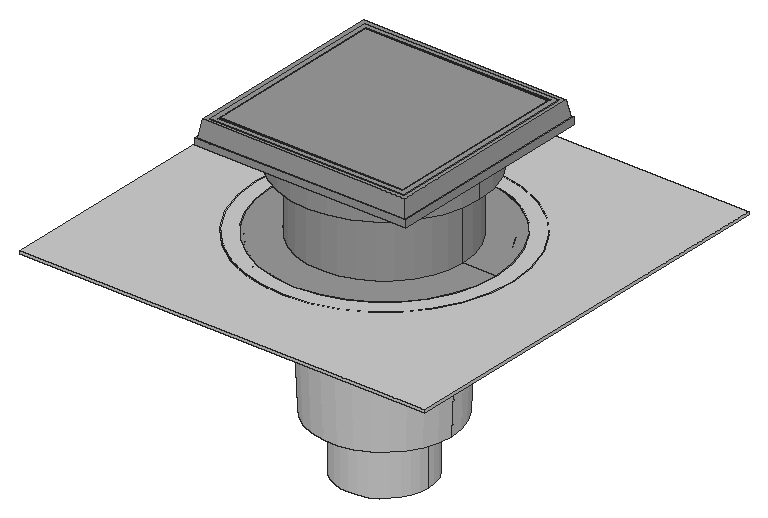
Revit family "HL_Дворовый трап серии Perfekt_HL616.1HW", category Instalační zařizovací předměty, Revit 2016
Family settings
  Typ součásti = Normální
  Kóta kulaté spojky = Použít průměr
  Číslo OmniClass = 23.70.50.21.24.14
  Nadpis OmniClass = Deck Waste Water Drains
  Založené na pracovní rovině = Ne
  Vždy vertikální = Ano
  Ořezat dutým tvarem při načtení = Ne
  Sdílené = Ne
  Bod výpočtu místnosti = Ano
Parameters (values of type "HL_Дворовый трап серии Perfekt_HL616.1HW_1")
  РЕШЁТКА = "Gusseisen 226 x 226 mm"
  РАЗМЕР = "DN110"
  ПРОПУСКНАЯ СПОСОБНОСТЬ [instance] = 0.0 L/s
  ПРОИЗВОДИТЕЛЬНОСТЬ = "2,1 l/s"
  ПРАВОВАЯ ИНФОРМАЦИЯ = "\"Авторские права(©), права на дизайн или какие либо другие права интелектуальной собственности являются исключительной собственностью компании HL Hutterer & Lechner. Изменению не подлежит. Файл семейства с данными о прозводителе изделия защищен паролем с водяным знаком.\""
  НОМИНАЛЬНЫЙ ДИАМЕТР = 110 mm
  НАСАДКА = "55-135 mm/260 x 260 mm Guss"
  МАТЕРИАЛ = "PP"
  МАКСИМАЛЬНАЯ НАГРУЗКА КЛАССА = "M - 12,5 t"
  ВЫСОТА МОНТАЖА = "252 mm"
  ВЕС = "13,523 kg"
  Výrobce = "HL Hutterer & Lechner GmbH"
  URL = "http://www.hutterer-lechner.com/ru/products/catalog/roof-drains/HL616.1HW/1.aspx"
  Материал плитка [instance] = none
  Připojení ventilace = no
  Připojení odpadu = yes
  Připojení HW = no
  Připojení CW = no
  Popis = "Дворовый трап серии Perfekt DN110 вертикальный"
  Model = "HL616.1HW/1"
  Assembly Code = " "
  Komentáře k typům = "Дворовый трап серии Perfekt DN110 вертикальный с битумным полотном, 260х260мм/226х226мм чугун с водяным затвором."
  Keynote = "HL616.1HW/1"
  IH [instance] = Высота монтажа 1 + Высота монтажа 2  # 135 mm
  Высота монтажа 2 [instance] = 0 mm
  Высота монтажа 1 [instance] = 135 mm
  G [instance] = 180.00°  # constant formula
  EAN = "9003076011551"
  D [instance] = IH + 165 mm  # 300 mm
  C [instance] = if(IH - 68 mm < 0 mm, 0 mm, IH - 68 mm)  # 67 mm
  B [instance] = 100 mm
  A [instance] = if(B - 100 mm > 15 mm, B - 100 mm, 15 mm)  # 15 mm
Types (3, lengths in mm): name | РАЗМЕР | НОМИНАЛЬНЫЙ ДИАМЕТР | ВЕС | URL | Popis | Model | Komentáře k typům | Keynote | EAN
  (no name) | "DN110" | 110 | "13,523 kg" | "http://www.hutterer-lechner.com/en/products/catalog/roof-drains/HL616.1HW/1.aspx" | 0 | "HL616.1HW/1" | "perfect-drain DN110 vertical with bitumen membrane, 260x260mm/226x226mm cast iron with trap seal" | "HL616.1HW/1" | "9003076011551"
  HL_Дворовый трап серии Perfekt_HL616.1HW_1 | "DN110" | 110 | "13,523 kg" | "http://www.hutterer-lechner.com/ru/products/catalog/roof-drains/HL616.1HW/1.aspx" | "Дворовый трап серии Perfekt DN110 вертикальный" | "HL616.1HW/1" | "Дворовый трап серии Perfekt DN110 вертикальный с битумным полотном, 260х260мм/226х226мм чугун с водяным затвором." | "HL616.1HW/1" | "9003076011551"
  HL_Дворовый трап серии Perfekt_HL616.1HW_5 | "DN160" | 160 | "13,53 kg" | "http://www.hutterer-lechner.com/ru/products/catalog/roof-drains/HL616.1HW/5.aspx" | "Дворовый трап серии Perfekt DN160 вертикальный" | "HL616.1HW/5" | "Дворовый трап серии Perfekt DN160 вертикальный с битумным полотном, 260х260мм/226х226мм чугун с водяным затвором." | "HL616.1HW/5" | "9003076011575"
Values of the unnamed type that differ from the named types
  ПРАВОВАЯ ИНФОРМАЦИЯ = "\"Copyright (©), design rights or any other intellectual property rights, shall be the exclusive property of HL Hutterer & Lechner GmbH. Modification is not allowed. Family has been watermarked.\""
Reference planes
  plane 1 "Center (Front/Back)": y = 0
  plane 2: z = 0
  plane 3 "Center (Left/Right)": x = 0
  plane 4: z = -100
  plane 5: z = -135
  plane 6: z = -135
Lines and regions (mm)
  model lines, style "InvisibleLines"
    curve 1: line (0, 0, 0) -> (0, 0, 20)
  model lines, style "PlumbingFixtures", detail levels coarse+medium
    curve 2: line (0, 0, -100) -> (0, 0, -85)
    curve 3: line (0, 0, -85) -> (-85, 0, 0)
    curve 4: line (0, 0, -85) -> (85, 0, 0)
    curve 6: line (0, 0, -100) -> (0, 0, -400)
  reference lines, not visible
    curve 5: line (0, 0, -100) -> (0, 0, -400)
  symbolic lines, style "PlumbingFixtures", detail levels coarse+medium
    curve 7: line (-75, 75, 0) -> (75, 75, 0)
    curve 8: line (-75, -75, 0) -> (-75, 75, 0)
    curve 9: line (75, -75, 0) -> (-75, -75, 0)
    curve 10: line (75, 75, 0) -> (75, -75, 0)
    curve 11: line (-75, 75, 0) -> (-145.711, 145.711, 0)
    curve 12: line (75, 75, 0) -> (145.711, 145.711, 0)
    curve 13: line (-75, -75, 0) -> (-145.711, -145.711, 0)
    curve 14: line (75, -75, 0) -> (145.711, -145.711, 0)
  symbolic lines, style "PlumbingFixtures", not visible, detail levels coarse+medium
    curve 15: line (-75, 75, 0) -> (75, 75, 0)
    curve 16: line (-75, -75, 0) -> (-75, 75, 0)
    curve 17: line (75, -75, 0) -> (-75, -75, 0)
    curve 18: line (75, 75, 0) -> (75, -75, 0)
    curve 19: line (-75, 75, 0) -> (-145.711, 145.711, 0)
    curve 20: line (75, 75, 0) -> (145.711, 145.711, 0)
    curve 21: line (-75, -75, 0) -> (-145.711, -145.711, 0)
    curve 22: line (75, -75, 0) -> (145.711, -145.711, 0)
Text (mm)
  text "FLOOR" at (-162.344, 0, -10.979), in view "Слева"
Dimensions and locks
  "B": plane 2 to plane 4
  "IH": plane 2 to plane 5
  "A": curve 4 to plane 4
  "D": curve 5 to curve 5
  "D": curve 6 to curve 6
  "Высота монтажа 1": plane 2 to plane 6
  locked: curve 4 to plane 3 "Center (Left/Right)" (angle 45.00°)
  locked: plane 3 "Center (Left/Right)" to curve 3 (angle 45.00°)
  "G": angle curve 5 to plane 3 "Center (Left/Right)"
  aligned and locked: level to plane 2
  aligned and locked: plane 2 to curve 4
  aligned and locked: plane 2 to curve 3
  aligned and locked: plane 4 to curve 5
  aligned and locked: plane 3 "Center (Left/Right)" to curve 5
  aligned and locked: plane 4 to curve 2
  aligned and locked: plane 3 "Center (Left/Right)" to curve 6
  aligned and locked: plane 4 to curve 6
  aligned and locked: nested 1 to plane 3 "Center (Left/Right)"
  aligned and locked: nested 1 to plane 5
  aligned and locked: plane 3 "Center (Left/Right)" to nested 2
  aligned and locked: plane 2 to nested 2
  aligned and locked: plane 3 "Center (Left/Right)" to nested 3
  aligned and locked: nested 3 to nested 2
  aligned and locked: nested 4 to plane 3 "Center (Left/Right)"
  aligned and locked: nested 1 to nested 4
Automatic sketch dimensions
  curve 2 to plane 3 "Center (Left/Right)" = 0 mm
  curve 1 to plane 3 "Center (Left/Right)" = 0 mm
  curve 1 to level = 0 mm
  curve 1 to curve 1 = 20 mm
Nested families
  nested 1: "HL-кровельные воронки - корпус-HL616KH" at (0, 0, -134.974), type "HL-кровельные воронки - корпус-HL616KH_1"
  nested 2: "HL-Надставные элементы-HL624" at (0, 0, 0), Высота монтажа <- "Высота монтажа 1", type "HL-Надставные элементы-HL624"
    with Высота монтажа 135 mm, a 97 mm, Ihmin 55 mm, Ihmax 135 mm
  nested 3: "HL-Песколовка-HL0606.2E" at (0, 0, -27.999), type "HL-Песколовка-HL0606.2E"
  nested 4: "HL-Вкладыш запахозапирающий-HL0605.2E" at (0, 0, -195.474), type "HL-Вкладыш запахозапирающий-HL0605.2E"
Connectors
  piping at (0, 0, -400), diameter 110, driven by "ПРОПУСКНАЯ СПОСОБНОСТЬ", driven by "НОМИНАЛЬНЫЙ ДИАМЕТР"
    settings: on curve 5, index 1, connector inside diameter 609.6 mm, connector length 0 mm, flow factor 0, pipe flow 0.0 L/s, pressure drop 0.0 Pa, fitting loss kfactor 0, connector angle 0.00°, fixture units 0, engagement length 0 mm, angle of deflection 0.00°, flow configuration 1, flow direction 2, fitting loss method 0, system type 16, joint type 0, gender type 0, connector reference index -1, connector utility 0, adjustable connector yes, is connector primary yes, connector description ""
Definition of nested family "HL-кровельные воронки - корпус-HL616KH"
  Parameters
    РАЗМЕР = ""
    ПРАВОВАЯ ИНФОРМАЦИЯ = ""
    НОМИНАЛЬНЫЙ ДИАМЕТР = 110 mm
    МАТЕРИАЛ = ""
    ВЫСОТА МОНТАЖА = ""
    ВЕС = ""
    a = if(НОМИНАЛЬНЫЙ ДИАМЕТР = 11 mm, 62 mm, 67 mm)  # 67 mm
    Height = 0 mm
    Manufacturer = ""
    URL = ""
    Description = ""
    ND = НОМИНАЛЬНЫЙ ДИАМЕТР / 2  # 55 mm
    Model = ""
    материал 3 = none
    материал 2 = none
    материал = none
    Type Comments = ""
    Keynote = ""
    EAN = ""
    Cost = 0
  Types (3, lengths in mm): name | РАЗМЕР | ПРАВОВАЯ ИНФОРМАЦИЯ | МАТЕРИАЛ | ВЫСОТА МОНТАЖА | ВЕС | Manufacturer | URL | Description | Model | Type Comments | Keynote | EAN
    (no name) | "" | "" | "" | "" | "" | "" | "" | "" | "" | "" | "" | ""
    HL-кровельные воронки - корпус-HL616KH_1 | "DN110" | "\"Авторские права(©), права на дизайн или какие либо другие права интелектуальной собственности являются исключительной собственностью компании HL Hutterer & Lechner. Изменению не подлежит. Файл семейства с данными о прозводителе изделия защищен паролем с водяным знаком.\"" | "PP" | "197 mm" | "1,952 kg" | "HL Hutterer & Lechner GmbH" | "http://www.hutterer-lechner.com/ru/products/catalog/roof-drains/HL616KH/1.aspx" | "Дворовый трап серии Perfekt DN110 вертикальный" | "HL616KH/1" | "Корпус дворового трапа серии Perfekt DN110 вертикальный с битумным полотном." | "HL616KH/1" | "9003076012916"
    HL-кровельные воронки - корпус-HL616KH_5 | "DN160" | "\"Авторские права(©), права на дизайн или какие либо другие права интелектуальной собственности являются исключительной собственностью компании HL Hutterer & Lechner. Изменению не подлежит. Файл семейства с данными о прозводителе изделия защищен паролем с водяным знаком.\"" | "PP" | "197 mm" | "1,945 kg" | "HL Hutterer & Lechner GmbH" | "http://www.hutterer-lechner.com/ru/products/catalog/roof-drains/HL616KH/5.aspx" | "Дворовый трап серии Perfekt DN160 вертикальный" | "HL616KH/5" | "Корпус дворового трапа серии Perfekt DN160 вертикальный с битумным полотном." | "HL616KH/5" | "9003076012930"
  Reference planes
    plane 1 "Střed (vpředu/vzadu)": y = 0
    plane 2: z = 0
    plane 3 "Střed (vlevo/vpravo)": x = 0
    plane 4: z = -198
  Forms (mm)
    Revolve 1, solid, material <- "материал", detail levels fine
      sketch origin (0, 0, 0) x (1, 0, 0) y (0, 0, 1)
        loop
          line (158.746, -0.026) -> (145.781, -3.5) -> (135.781, -3.5) -> (134.096, -9.367) -> (127.541, -9.367) -> (127.541, -3.5) -> (99.151, -3.5) -> (99.151, -25.5) -> (90, -25.5) -> (90, -60.5) -> (85.551, -60.5) -> (79.463, -194) -> (51.105, -194) -> (51.105, -198) -> (83.393, -198) -> (89.481, -64.5) -> (94.013, -64.5) -> (94.013, -34.2) -> (103.091, -34.2) -> (103.091, -12.303) -> (134.671, -12.303)
          arc (134.671, -12.303) -> (136.701, -11.463) -> (137.542, -9.433) r 2.871
          line (137.542, -9.433) -> (137.542, -6.409) -> (146.262, -6.409) -> (158.746, -3.064) -> (158.746, -0.026)
        axis (0, -198) -> (0, -0.026)
      angle from 0 to 360
    Revolve 2, solid, material <- "материал", detail levels fine
      sketch origin (0, 0, 0) x (1, 0, 0) y (0, 0, 1)
        loop
          line (0, -198) -> (0, -265) -> (55, -265) -> (55, -198) -> (0, -198)
        axis (0, -198) -> (0, -265)
      angle from 0 to 360
    Extrusion 3, solid, detail levels fine
      sketch origin (0, 0, 0) x (1, 0, 0) y (0, 1, 0)
        loop
          line (250, 250) -> (-250, 250) -> (-250, -250) -> (250, -250) -> (250, 250)
        loop
          circle (0, 0) r 140
      from -3.5 to -0.026
    Revolve 4, solid, material <- "материал 2", detail levels fine
      sketch origin (0, 0, 0) x (1, 0, 0) y (0, 0, 1)
        loop
          line (-98.482, -0.026) -> (-139.232, -0.026) -> (-139.232, -3.064) -> (-98.482, -3.064) -> (-98.482, -0.026)
        axis (0, -3.064) -> (0, -0.026)
      angle from 0 to 360
  Dimensions and locks
    locked: plane 2 to plane 4 at 198
    "ND": Revolve 2 sketch curve to plane 3 "Střed (vlevo/vpravo)"
    "a": plane 4 to Revolve 2 sketch curve
    aligned and locked: level to plane 2
  Automatic sketch dimensions
    Revolve 1 sketch curve to plane 3 "Střed (vlevo/vpravo)" = 0 mm
    Revolve 1 sketch curve to plane 4 = 0 mm
    plane 4 to Revolve 1 sketch curve = 4 mm
    plane 3 "Střed (vlevo/vpravo)" to Revolve 1 sketch curve = 51.105 mm
    Revolve 1 sketch curve to Revolve 1 sketch curve = 28.358 mm
    Revolve 1 sketch curve to Revolve 1 sketch curve = 3.93 mm  (x2)
    plane 3 "Střed (vlevo/vpravo)" to Revolve 1 sketch curve = 85.551 mm
    Revolve 1 sketch curve to Revolve 1 sketch curve = 0.519 mm
    Revolve 1 sketch curve to Revolve 1 sketch curve = 4.013 mm
    Revolve 1 sketch curve to level = 3.5 mm  (x2)
    Revolve 1 sketch curve to Revolve 1 sketch curve = 9.151 mm
    Revolve 1 sketch curve to Revolve 1 sketch curve = 3.941 mm
    Revolve 1 sketch curve to Revolve 1 sketch curve = 24.449 mm
    Revolve 1 sketch curve to Revolve 1 sketch curve = 6.555 mm
    Revolve 1 sketch curve to Revolve 1 sketch curve = 0.575 mm
    Revolve 1 sketch curve to Revolve 1 sketch curve = 1.11 mm
    Revolve 1 sketch curve to Revolve 1 sketch curve = 1.761 mm
    Revolve 1 sketch curve to Revolve 1 sketch curve = 8.239 mm
    Revolve 1 sketch curve to Revolve 1 sketch curve = 0.481 mm
    Revolve 1 sketch curve to level = 0.026 mm
    Revolve 1 sketch curve to Revolve 1 sketch curve = 12.965 mm
    Revolve 1 sketch curve to Revolve 1 sketch curve = 61 mm
    Revolve 1 sketch curve to Revolve 1 sketch curve = 4 mm
    Revolve 1 sketch curve to Revolve 1 sketch curve = 26.3 mm
    Revolve 1 sketch curve to Revolve 1 sketch curve = 8.7 mm
    Revolve 1 sketch curve to Revolve 1 sketch curve = 8.804 mm
    Revolve 1 sketch curve to Revolve 1 sketch curve = 0.066 mm
    Revolve 1 sketch curve to Revolve 1 sketch curve = 3.024 mm
    Revolve 1 sketch curve to Revolve 1 sketch curve = 3.038 mm
    level to Revolve 1 sketch curve = 9.5 mm
    Revolve 1 sketch curve to Revolve 1 sketch curve = 50 mm
    Revolve 4 sketch curve to plane 3 "Střed (vlevo/vpravo)" = 0 mm
    Revolve 4 sketch curve to level = 0.026 mm
    Revolve 4 sketch curve to plane 3 "Střed (vlevo/vpravo)" = 98.482 mm
    Revolve 4 sketch curve to Revolve 4 sketch curve = 40.749 mm
    Revolve 4 sketch curve to Revolve 4 sketch curve = 3.038 mm
    level to Revolve 4 sketch curve = 24.974 mm
    Revolve 4 sketch curve to Revolve 4 sketch curve = 22.61 mm
    plane 1 "Střed (vpředu/vzadu)" to Extrusion 3 sketch curve = 0 mm
    Extrusion 3 sketch curve to plane 3 "Střed (vlevo/vpravo)" = 0 mm
    Extrusion 3 sketch curve to plane 3 "Střed (vlevo/vpravo)" = 250 mm
    plane 3 "Střed (vlevo/vpravo)" to Extrusion 3 sketch curve = 250 mm
    plane 1 "Střed (vpředu/vzadu)" to Extrusion 3 sketch curve = 250 mm
    Extrusion 3 sketch curve to plane 1 "Střed (vpředu/vzadu)" = 250 mm
    Revolve 2 sketch curve to plane 3 "Střed (vlevo/vpravo)" = 0 mm  (x2)
    Revolve 2 sketch curve to plane 4 = 0 mm
    Revolve 2 sketch curve to Revolve 2 sketch curve = 15 mm
    Revolve 2 sketch curve to Revolve 2 sketch curve = 25 mm
    radius of Extrusion 3 sketch curve = 140 mm
Definition of nested family "HL-Надставные элементы-HL624"
  Parameters (values of type "HL-Надставные элементы-HL624")
    РЕШЁТКА = "Guss 226x226mm"
    РАЗМЕР = "d 195mm"
    ПРАВОВАЯ ИНФОРМАЦИЯ = "\"Авторские права(©), права на дизайн или какие либо другие права интелектуальной собственности являются исключительной собственностью компании HL Hutterer & Lechner. Изменению не подлежит. Файл семейства с данными о прозводителе изделия защищен паролем с водяным знаком.\""
    НАСАДКА = "260x260mm"
    МАТЕРИАЛ = "PP"
    МАКСИМАЛЬНАЯ НАГРУЗКА КЛАССА = "B - 12,5 t (aussen)"
    ВЫСОТА МОНТАЖА = "152mm"
    ВЕС = "11,37 [kg]"
    a [instance] = if(Высота монтажа < Ihmin, -10 mm, if(Высота монтажа > Ihmax, -10 mm, Высота монтажа - 38 mm))  # 97 mm
    Manufacturer = "HL Hutterer & Lechner GmbH"
    URL = "http://www.hutterer-lechner.com/ru/products/catalog/roof-drains/HL624.aspx"
    Description = "Надставные элементы"
    Model = "HL624"
    материал = none
    Type Comments = "Насадка d 195мм/литые подрамники 260х260мм/226х226мм чугун"
    Keynote = "HL624"
    Высота монтажа [instance] = 135 mm
    Ihmin [instance] = 55 mm
    Ihmax [instance] = 135 mm
    EAN = "9003076014767"
    Cost = 0
  Values of the unnamed type that differ from the named types
    РЕШЁТКА = ""
    РАЗМЕР = ""
    ПРАВОВАЯ ИНФОРМАЦИЯ = ""
    НАСАДКА = ""
    МАТЕРИАЛ = ""
    МАКСИМАЛЬНАЯ НАГРУЗКА КЛАССА = ""
    ВЫСОТА МОНТАЖА = ""
    ВЕС = ""
    Manufacturer = ""
    URL = ""
    Description = ""
    Model = ""
    Type Comments = ""
    Keynote = ""
    EAN = ""
  Reference planes
    plane 1 "Střed (vpředu/vzadu)": y = 0
    plane 2: z = 0
    plane 3 "Střed (vlevo/vpravo)": x = 0
    plane 4: z = -58
    plane 5: z = -155
  Forms (mm)
    Extrusion 1, solid, material <- "материал", detail levels fine
      sketch origin (0, 0, 0) x (1, 0, 0) y (0, 1, 0)
        loop
          line (-112.5, 112.5) -> (-112.5, -112.5) -> (112.5, -112.5) -> (112.5, 112.5) -> (-112.5, 112.5)
      from 0 to -20
    Extrusion 2, solid, material <- "материал", detail levels fine
      sketch origin (0, 0, 0) x (1, 0, 0) y (0, 1, 0)
        loop
          line (114.5, -114.5) -> (114.5, 114.5) -> (-114.5, 114.5) -> (-114.5, -114.5) -> (114.5, -114.5)
        loop
          line (-120, 120) -> (-120, -120) -> (120, -120) -> (120, 120) -> (-120, 120)
      from 0 to -20
    Extrusion 3, solid, material <- "материал", detail levels fine
      sketch origin (0, 0, 0) x (1, 0, 0) y (0, 1, 0)
        loop
          line (120, -120) -> (120, 120) -> (-120, 120) -> (-120, -120) -> (120, -120)
      from -20 to -23
    Revolve 4, solid, material <- "материал", detail levels fine
      sketch origin (0, 0, 0) x (1, 0, 0) y (0, 0, 1)
        loop
          line (0, -28) -> (-117.877, -28) -> (-117.877, -58.2) -> (0, -58.2) -> (0, -28)
        axis (0, -58.2) -> (0, -28)
      angle from 0 to 360
    Revolve 5, solid, material <- "материал", detail levels fine
      sketch origin (0, 0, 0) x (1, 0, 0) y (0, 0, 1)
        loop
          line (0, -58) -> (0, -155) -> (97.213, -155) -> (97.213, -58) -> (0, -58)
        axis (0, -58) -> (0, -155)
      angle from 0 to 360
    Extrusion 6, solid, material <- "материал", detail levels fine
      sketch origin (0, 0, 0) x (1, 0, 0) y (0, 1, 0)
        loop
          line (130, 130) -> (-130, 130) -> (-130, -130) -> (130, -130) -> (130, 130)
      from -28 to -20
    Blend 7, solid, material <- "материал", detail levels fine
      base sketch origin (0, 0, 0) x (1, 0, 0) y (0, 1, 0)
        loop
          line (-128.315, -128.315) -> (128.315, -128.315) -> (128.315, 128.315) -> (-128.315, 128.315) -> (-128.315, -128.315)
      top sketch origin (0, 0, 0) x (1, 0, 0) y (0, 1, 0)
        loop
          line (124.788, 124.788) -> (-124.788, 124.788) -> (-124.788, -124.788) -> (124.788, -124.788) -> (124.788, 124.788)
      from -20 to 0
  Cuts and joins
    joined: Extrusion 2, Extrusion 3
  Lines and regions (mm)
    model lines, detail levels fine
      curve 1: line (10.96, 46.315, 0) -> (45.608, 80.964, 0)
      curve 2: line (56.215, 70.357, 0) -> (21.567, 35.709, 0)
      curve 3: line (35.709, 21.567, 0) -> (70.357, 56.215, 0)
      curve 4: line (80.964, 45.608, 0) -> (46.315, 10.96, 0)
      curve 5: line (92, 7.5, 0) -> (72.5, 7.5, 0)
      curve 6: line (92, -7.5, 0) -> (72.5, -7.5, 0)
      curve 7: arc (92, -7.5, 0) -> (99.5, 0, 0) -> (92, 7.5, 0) r 7.5
      curve 8: arc (72.5, -7.5, 0) -> (65, 0, 0) -> (72.5, 7.5, 0) r 7.5
      curve 9: arc (80.964, 45.608, 0) -> (80.964, 56.215, 0) -> (70.357, 56.215, 0) r 7.5
      curve 10: arc (56.215, 70.357, 0) -> (56.215, 80.964, 0) -> (45.608, 80.964, 0) r 7.5
      curve 11: arc (21.567, 35.709, 0) -> (10.96, 35.709, 0) -> (10.96, 46.315, 0) r 7.5
      curve 12: arc (46.315, 10.96, 0) -> (35.709, 10.96, 0) -> (35.709, 21.567, 0) r 7.5
      curve 13: line (7.5, 92, 0) -> (7.5, 72.5, 0)
      curve 14: line (-7.5, 92, 0) -> (-7.5, 72.5, 0)
      curve 15: arc (-7.5, 92, 0) -> (0, 99.5, 0) -> (7.5, 92, 0) r 7.5
      curve 16: arc (-7.5, 72.5, 0) -> (0, 65, 0) -> (7.5, 72.5, 0) r 7.5
      curve 17: line (7.5, -92, 0) -> (7.5, -72.5, 0)
      curve 18: line (-7.5, -92, 0) -> (-7.5, -72.5, 0)
      curve 19: arc (-7.5, -92, 0) -> (0, -99.5, 0) -> (7.5, -92, 0) r 7.5
      curve 20: arc (-7.5, -72.5, 0) -> (0, -65, 0) -> (7.5, -72.5, 0) r 7.5
      curve 21: line (92, -7.5, 0) -> (72.5, -7.5, 0)
      curve 22: line (92, 7.5, 0) -> (72.5, 7.5, 0)
      curve 23: arc (92, 7.5, 0) -> (99.5, 0, 0) -> (92, -7.5, 0) r 7.5
      curve 24: arc (72.5, 7.5, 0) -> (65, 0, 0) -> (72.5, -7.5, 0) r 7.5
      curve 25: line (-92, -7.5, 0) -> (-72.5, -7.5, 0)
      curve 26: arc (-92, -7.5, 0) -> (-99.5, 0, 0) -> (-92, 7.5, 0) r 7.5
      curve 27: arc (-72.5, -7.5, 0) -> (-65, 0, 0) -> (-72.5, 7.5, 0) r 7.5
      curve 28: line (-92, -7.5, 0) -> (-72.5, -7.5, 0)
      curve 29: line (-92, 7.5, 0) -> (-72.5, 7.5, 0)
      curve 30: arc (-92, 7.5, 0) -> (-99.5, 0, 0) -> (-92, -7.5, 0) r 7.5
      curve 31: arc (-72.5, 7.5, 0) -> (-65, 0, 0) -> (-72.5, -7.5, 0) r 7.5
      curve 32: line (-10.96, 46.315, 0) -> (-45.608, 80.964, 0)
      curve 33: line (-56.215, 70.357, 0) -> (-21.567, 35.709, 0)
      curve 34: line (-35.709, 21.567, 0) -> (-70.357, 56.215, 0)
      curve 35: line (-80.964, 45.608, 0) -> (-46.315, 10.96, 0)
      curve 36: arc (-80.964, 45.608, 0) -> (-80.964, 56.215, 0) -> (-70.357, 56.215, 0) r 7.5
      curve 37: arc (-56.215, 70.357, 0) -> (-56.215, 80.964, 0) -> (-45.608, 80.964, 0) r 7.5
      curve 38: arc (-21.567, 35.709, 0) -> (-10.96, 35.709, 0) -> (-10.96, 46.315, 0) r 7.5
      curve 39: arc (-46.315, 10.96, 0) -> (-35.709, 10.96, 0) -> (-35.709, 21.567, 0) r 7.5
      curve 40: line (10.96, -46.315, 0) -> (45.608, -80.964, 0)
      curve 41: line (56.215, -70.357, 0) -> (21.567, -35.709, 0)
      curve 42: line (35.709, -21.567, 0) -> (70.357, -56.215, 0)
      curve 43: line (80.964, -45.608, 0) -> (46.315, -10.96, 0)
      curve 44: arc (80.964, -45.608, 0) -> (80.964, -56.215, 0) -> (70.357, -56.215, 0) r 7.5
      curve 45: arc (56.215, -70.357, 0) -> (56.215, -80.964, 0) -> (45.608, -80.964, 0) r 7.5
      curve 46: arc (21.567, -35.709, 0) -> (10.96, -35.709, 0) -> (10.96, -46.315, 0) r 7.5
      curve 47: arc (46.315, -10.96, 0) -> (35.709, -10.96, 0) -> (35.709, -21.567, 0) r 7.5
      curve 48: line (-10.96, -46.315, 0) -> (-45.608, -80.964, 0)
      curve 49: line (-56.215, -70.357, 0) -> (-21.567, -35.709, 0)
      curve 50: line (-35.709, -21.567, 0) -> (-70.357, -56.215, 0)
      curve 51: line (-80.964, -45.608, 0) -> (-46.315, -10.96, 0)
      curve 52: arc (-80.964, -45.608, 0) -> (-80.964, -56.215, 0) -> (-70.357, -56.215, 0) r 7.5
      curve 53: arc (-56.215, -70.357, 0) -> (-56.215, -80.964, 0) -> (-45.608, -80.964, 0) r 7.5
      curve 54: arc (-21.567, -35.709, 0) -> (-10.96, -35.709, 0) -> (-10.96, -46.315, 0) r 7.5
      curve 55: arc (-46.315, -10.96, 0) -> (-35.709, -10.96, 0) -> (-35.709, -21.567, 0) r 7.5
  Dimensions and locks
    plane 2 to plane 4 = 58 mm
    "a": plane 4 to Revolve 5 sketch curve
    locked: plane 2 to plane 5 at 155
    aligned and locked: level to plane 2
    aligned and locked: plane 4 to Revolve 5 sketch curve
    aligned and locked: Extrusion 6 to Revolve 4
  Automatic sketch dimensions
    curve 7 to curve 23 = 0 mm  (x2)
    curve 8 to curve 24 = 0 mm  (x2)
    curve 26 to curve 30 = 0 mm  (x2)
    curve 27 to curve 31 = 0 mm  (x2)
    plane 1 "Střed (vpředu/vzadu)" to curve 26 = 0 mm
    curve 16 to plane 3 "Střed (vlevo/vpravo)" = 0 mm
    curve 20 to plane 3 "Střed (vlevo/vpravo)" = 0 mm
    plane 1 "Střed (vpředu/vzadu)" to curve 24 = 0 mm
    curve 18 to plane 3 "Střed (vlevo/vpravo)" = 7.5 mm
    curve 14 to plane 3 "Střed (vlevo/vpravo)" = 7.5 mm
    curve 32 to plane 3 "Střed (vlevo/vpravo)" = 10.96 mm
    curve 48 to plane 3 "Střed (vlevo/vpravo)" = 10.96 mm
    curve 54 to curve 54 = 5.303 mm  (x2)
    curve 38 to curve 38 = 5.303 mm  (x2)
    curve 49 to curve 54 = 5.303 mm
    curve 33 to curve 38 = 5.303 mm
    curve 34 to curve 33 = 14.142 mm
    curve 50 to curve 49 = 14.142 mm
    curve 39 to curve 34 = 5.303 mm
    curve 55 to curve 50 = 5.303 mm
    curve 48 to curve 20 = 38.108 mm
    curve 32 to curve 14 = 38.108 mm
    curve 35 to plane 1 "Střed (vpředu/vzadu)" = 10.96 mm
    curve 35 to curve 39 = 5.303 mm
    plane 1 "Střed (vpředu/vzadu)" to curve 51 = 10.96 mm
    curve 51 to curve 55 = 5.303 mm
    curve 53 to curve 48 = 5.303 mm
    curve 37 to curve 32 = 5.303 mm
    curve 49 to curve 53 = 5.303 mm
    curve 33 to curve 37 = 5.303 mm  (x2)
    curve 34 to curve 37 = 14.142 mm
    curve 50 to curve 53 = 14.142 mm
    curve 27 to curve 39 = 26.185 mm
    curve 36 to curve 34 = 5.303 mm
    curve 52 to curve 50 = 5.303 mm
    curve 35 to plane 1 "Střed (vpředu/vzadu)" = 45.608 mm
    curve 35 to curve 36 = 5.303 mm  (x2)
    plane 1 "Střed (vpředu/vzadu)" to curve 51 = 45.608 mm
    curve 51 to curve 52 = 5.303 mm
    plane 1 "Střed (vpředu/vzadu)" to curve 28 = 7.5 mm
    curve 28 to curve 25 = 19.5 mm
    plane 3 "Střed (vlevo/vpravo)" to curve 1 = 10.96 mm
    plane 3 "Střed (vlevo/vpravo)" to curve 40 = 10.96 mm
    curve 11 to curve 11 = 5.303 mm
    curve 46 to curve 46 = 5.303 mm  (x2)
    curve 11 to curve 2 = 5.303 mm
    curve 46 to curve 41 = 5.303 mm
    curve 2 to curve 3 = 14.142 mm
    curve 41 to curve 42 = 14.142 mm  (x3)
    curve 42 to curve 47 = 5.303 mm
    curve 3 to curve 12 = 5.303 mm
    curve 13 to curve 1 = 38.108 mm
    curve 17 to curve 40 = 38.108 mm
    plane 1 "Střed (vpředu/vzadu)" to curve 43 = 10.96 mm
    curve 47 to curve 43 = 5.303 mm
    curve 4 to plane 1 "Střed (vpředu/vzadu)" = 10.96 mm
    curve 12 to curve 4 = 5.303 mm
    curve 1 to curve 10 = 5.303 mm
    curve 40 to curve 45 = 5.303 mm
    curve 45 to curve 41 = 5.303 mm  (x2)
    curve 10 to curve 2 = 5.303 mm
    curve 10 to curve 3 = 14.142 mm
    curve 43 to curve 24 = 26.185 mm
    curve 42 to curve 44 = 5.303 mm
    curve 3 to curve 9 = 5.303 mm
    plane 1 "Střed (vpředu/vzadu)" to curve 43 = 45.608 mm
    curve 44 to curve 43 = 5.303 mm
    curve 4 to plane 1 "Střed (vpředu/vzadu)" = 45.608 mm
    curve 9 to curve 4 = 5.303 mm
    curve 5 to plane 1 "Střed (vpředu/vzadu)" = 7.5 mm
    curve 22 to curve 5 = 19.5 mm
    plane 1 "Střed (vpředu/vzadu)" to curve 48 = 46.315 mm
    curve 48 to curve 40 = 0 mm
    curve 52 to curve 52 = 5.303 mm
    curve 44 to curve 44 = 5.303 mm
    curve 49 to curve 50 = 14.142 mm
    curve 17 to curve 40 = 26.185 mm
    curve 53 to curve 49 = 5.303 mm
    curve 17 to curve 20 = 19.5 mm
    curve 42 to curve 47 = 10.607 mm
    curve 50 to curve 51 = 10.607 mm
    curve 4 to curve 12 = 5.303 mm
    curve 39 to curve 39 = 5.303 mm
    curve 39 to curve 33 = 14.142 mm
    curve 12 to curve 2 = 14.142 mm
    curve 2 to curve 11 = 5.303 mm
    curve 9 to curve 9 = 5.303 mm
    curve 3 to curve 2 = 14.142 mm
    curve 36 to curve 33 = 14.142 mm
    curve 11 to curve 13 = 26.185 mm
    curve 2 to curve 10 = 5.303 mm
    curve 14 to curve 14 = 19.5 mm
    Extrusion 1 sketch curve to plane 3 "Střed (vlevo/vpravo)" = 112.5 mm
    plane 3 "Střed (vlevo/vpravo)" to Extrusion 1 sketch curve = 112.5 mm
    plane 1 "Střed (vpředu/vzadu)" to Extrusion 1 sketch curve = 112.5 mm
    Extrusion 1 sketch curve to plane 1 "Střed (vpředu/vzadu)" = 112.5 mm
    Extrusion 2 sketch curve to plane 3 "Střed (vlevo/vpravo)" = 120 mm
    Extrusion 2 sketch curve to Extrusion 2 sketch curve = 5.5 mm  (x4)
    plane 3 "Střed (vlevo/vpravo)" to Extrusion 2 sketch curve = 114.5 mm
    plane 1 "Střed (vpředu/vzadu)" to Extrusion 2 sketch curve = 120 mm
    Extrusion 2 sketch curve to plane 1 "Střed (vpředu/vzadu)" = 114.5 mm
    Extrusion 3 sketch curve to plane 3 "Střed (vlevo/vpravo)" = 120 mm
    plane 3 "Střed (vlevo/vpravo)" to Extrusion 3 sketch curve = 120 mm
    plane 1 "Střed (vpředu/vzadu)" to Extrusion 3 sketch curve = 120 mm
    Extrusion 3 sketch curve to plane 1 "Střed (vpředu/vzadu)" = 120 mm
    Revolve 4 sketch curve to plane 3 "Střed (vlevo/vpravo)" = 0 mm  (x2)
    Revolve 4 sketch curve to level = 28 mm
    Revolve 4 sketch curve to plane 3 "Střed (vlevo/vpravo)" = 117.877 mm
    Revolve 4 sketch curve to plane 4 = 0.2 mm
    level to Revolve 4 sketch curve = 32 mm
    Revolve 4 sketch curve to Revolve 4 sketch curve = 90 mm
    Extrusion 6 sketch curve to plane 3 "Střed (vlevo/vpravo)" = 130 mm
    plane 3 "Střed (vlevo/vpravo)" to Extrusion 6 sketch curve = 130 mm
    plane 1 "Střed (vpředu/vzadu)" to Extrusion 6 sketch curve = 130 mm
    Extrusion 6 sketch curve to plane 1 "Střed (vpředu/vzadu)" = 130 mm
    Blend 7 sketch curve to plane 3 "Střed (vlevo/vpravo)" = 128.315 mm
    plane 3 "Střed (vlevo/vpravo)" to Blend 7 sketch curve = 128.315 mm
    plane 1 "Střed (vpředu/vzadu)" to Blend 7 sketch curve = 128.315 mm
    Blend 7 sketch curve to plane 1 "Střed (vpředu/vzadu)" = 128.315 mm
    Blend 7 sketch curve to plane 3 "Střed (vlevo/vpravo)" = 124.788 mm
    plane 3 "Střed (vlevo/vpravo)" to Blend 7 sketch curve = 124.788 mm
    plane 1 "Střed (vpředu/vzadu)" to Blend 7 sketch curve = 124.788 mm
    Blend 7 sketch curve to plane 1 "Střed (vpředu/vzadu)" = 124.788 mm
    Revolve 5 sketch curve to plane 3 "Střed (vlevo/vpravo)" = 0 mm  (x2)
    plane 3 "Střed (vlevo/vpravo)" to Revolve 5 sketch curve = 97.213 mm
    Revolve 5 sketch curve to plane 5 = 28.999 mm
    Revolve 5 sketch curve to Revolve 5 sketch curve = 140 mm
Definition of nested family "HL-Песколовка-HL0606.2E"
  Parameters (values of type "HL-Песколовка-HL0606.2E")
    ПРАВОВАЯ ИНФОРМАЦИЯ = "\"Авторские права(©), права на дизайн или какие либо другие права интелектуальной собственности являются исключительной собственностью компании HL Hutterer & Lechner. Изменению не подлежит. Файл семейства с данными о прозводителе изделия защищен паролем с водяным знаком.\""
    МАТЕРИАЛ = "PP"
    ВЕС = "0,09 kg"
    Manufacturer = "HL Hutterer & Lechner GmbH"
    URL = "http://www.hutterer-lechner.com/ru/products/catalog/roof-drains/HL0606.2E.aspx"
    Description = "Песколовка"
    Model = "HL0606.2E"
    материал = none
    Type Comments = "Песколовка"
    Keynote = "HL0606.2E"
    EAN = "9003076060627"
    Cost = 0
  Values of the unnamed type that differ from the named types
    ПРАВОВАЯ ИНФОРМАЦИЯ = ""
    МАТЕРИАЛ = ""
    ВЕС = ""
    Manufacturer = ""
    URL = ""
    Description = ""
    Model = ""
    Type Comments = ""
    Keynote = ""
    EAN = ""
  Reference planes
    plane 1 "Střed (vpředu/vzadu)": y = 0
    plane 2: z = 0
    plane 3 "Střed (vlevo/vpravo)": x = 0
  Forms (mm)
    Revolve 1, solid, material <- "материал", detail levels fine
      sketch origin (0, 0, 0) x (1, 0, 0) y (0, 0, 1)
        loop
          line (0, -55.952) -> (0, -58.018) -> (57.601, -56.006)
          arc (57.601, -56.006) -> (65.932, -53.053) -> (69.532, -44.98) r 11.208
          line (69.532, -44.98) -> (72.482, -41.586) -> (75.031, -12.448) -> (75.865, -6.515)
          arc (75.865, -6.515) -> (76.428, -5.156) -> (77.786, -4.594) r 1.921
          line (77.786, -4.594) -> (95.979, -3.002) -> (95.979, -0.001) -> (73.246, -1.99) -> (69.436, -41.391) -> (67.501, -43.326)
          arc (67.501, -43.326) -> (65.111, -51.02) -> (57.603, -53.94) r 9.273
          line (57.603, -53.94) -> (0, -55.952)
        axis (0, -58.018) -> (0, -0.001)
      angle from 0 to 360
  Dimensions and locks
    aligned and locked: level to plane 2
Definition of nested family "HL-Вкладыш запахозапирающий-HL0605.2E"
  Parameters
    ПРАВОВАЯ ИНФОРМАЦИЯ = ""
    МАТЕРИАЛ = ""
    ВЕС = ""
    Manufacturer = ""
    URL = ""
    Description = ""
    Model = ""
    материал 2 = none
    материал = none
    Type Comments = ""
    Keynote = ""
    EAN = ""
    Cost = 0
  Types (2, lengths in mm): name | ПРАВОВАЯ ИНФОРМАЦИЯ | МАТЕРИАЛ | ВЕС | Manufacturer | URL | Description | Model | Type Comments | Keynote | EAN
    (no name) | "" | "" | "" | "" | "" | "" | "" | "" | "" | ""
    HL-Вкладыш запахозапирающий-HL0605.2E | "\"Авторские права(©), права на дизайн или какие либо другие права интелектуальной собственности являются исключительной собственностью компании HL Hutterer & Lechner. Изменению не подлежит. Файл семейства с данными о прозводителе изделия защищен паролем с водяным знаком.\"" | "PP" | "0,192 kg" | "HL Hutterer & Lechner GmbH" | "http://www.hutterer-lechner.com/ru/products/catalog/roof-drains/HL0605.2E.aspx" | "Вкладыш запахозапирающий" | "HL0605.2E" | "Вкладыш водяного затвора комплектный" | "HL0605.2E" | "9003076009725"
  Reference planes
    plane 1 "Střed (vpředu/vzadu)": y = 0
    plane 2: z = 0
    plane 3 "Střed (vlevo/vpravo)": x = 0
  Forms (mm)
    Revolve 1, solid, material <- "материал 2", detail levels fine
      sketch origin (0, 0, 0) x (1, 0, 0) y (0, 0, 1)
        loop
          line (88, -3) -> (88, 0) -> (82.921, 0) -> (82.921, -1.338) -> (78.867, -6.169) -> (78.867, -19.629) -> (76.315, -48.796)
          arc (76.315, -48.796) -> (75.558, -51.125) -> (73.796, -52.827) r 5.066
          line (73.796, -52.827) -> (58.029, -61.938) -> (58.029, -93.034) -> (53.399, -98) -> (41.859, -98) -> (41.859, -83.043) -> (45.35, -83.043) -> (45.35, -33) -> (29.878, -33) -> (29.878, -100) -> (52.94, -100)
          arc (52.94, -100) -> (57.932, -97.932) -> (60, -92.939) r 7.061
          line (60, -92.939) -> (60, -65.894)
          arc (60, -65.894) -> (60.671, -63.394) -> (62.5, -61.564) r 5.003
          line (62.5, -61.564) -> (74.706, -54.511)
          arc (74.706, -54.511) -> (77.106, -52.212) -> (78.174, -49.065) r 6.994
          line (78.174, -49.065) -> (81.088, -15.754) -> (83.996, -15.499) -> (83.996, -12.378)
          arc (83.996, -12.378) -> (85.775, -10) -> (83.996, -7.623) r 2.478
          line (83.996, -7.623) -> (83.996, -3) -> (88, -3)
        axis (0, 0) -> (0, -100)
      angle from 0 to 360
    Revolve 2, solid, material <- "материал", detail levels fine
      sketch origin (0, 0, 0) x (1, 0, 0) y (0, 0, 1)
        loop
          line (47.229, -83.043) -> (47.229, -28.043)
          arc (47.229, -28.043) -> (43.63, -19.353) -> (34.94, -15.754) r 12.289
          line (34.94, -15.754) -> (0, -15.754) -> (0, -48.796) -> (45.35, -48.796) -> (45.35, -83.043) -> (47.229, -83.043)
        axis (0, -83.043) -> (0, -15.754)
      angle from 0 to 360
  Dimensions and locks
    aligned and locked: level to plane 2
